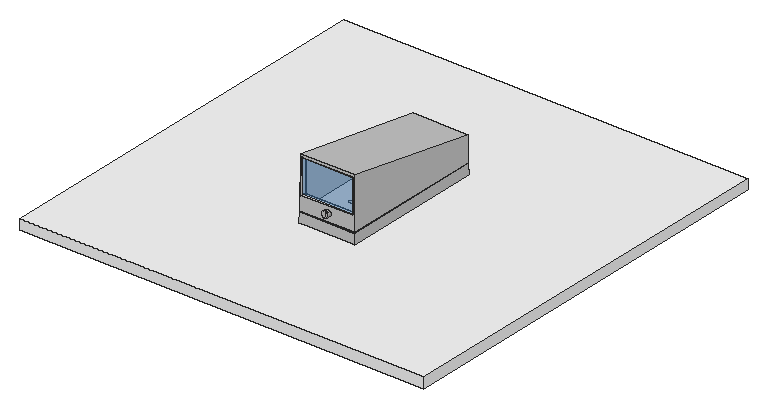
Revit family "BE_33513_de_DE", category Leuchten, Revit 2015
Parameters
  built-in parameter 1150104 = 13.8 (stored number, unit not read)
  Wattage = 9.2903 W
  Default Elevation = 0 mm
  built-in parameter 1150113 = 1 (stored number, unit not read)
  built-in parameter 1114218 = 1 (stored number, unit not read)
  Umgebungstemperatur = ""
  URL = "http://www.bega.de/de/produkt"
  Typenkommentare = "© 2015 BEGA. Wir behalten uns das Recht vor, technische \r\nÄnderungen ohne vorherige Ankündigung vorzunehmen."  # constant formula
  built-in parameter 1150134 = (empty or 0)
  built-in parameter 1150109 = 1 (stored number, unit not read)
  Strom = ""
  built-in parameter 1150110 = 1 (stored number, unit not read)
  Spannung = 0 V
  Sonderanfertigung = no
  Sockeltyp = ""
  Sockelanzahl = ""
  Seriennummer [instance] = ""
  Schutzklasse = ""
  Schutzart = ""
  Scheinlast = 0 VA
  Produktdatenblatt = ""
  Oberflächentemperatur = ""
  Neigungswinkel = 0.00°
  Material_17 = BEGA_Reflektor
  Material_15 = BEGA_Leuchtmedium_matt
  Material_11 = BEGA_Glas_opal
  Material_10 = BEGA_Glas_matt
  Material_09 = BEGA_Glas_klar
  Material_06 = BEGA_Oberfläche_Edelstahl_gebürstet
  Material_03 = BEGA_Oberfläche_Weiss_matt
  Material_02 = BEGA_Oberfläche_Silber_matt
  Material_01 [instance] = BEGA_Oberfläche_Grafit_matt
  M_W = yes
  M_G = yes
  M_A = yes
  Logo = 0
  built-in parameter 1114217 = 1 (stored number, unit not read)
  built-in parameter 1150139 = (empty or 0)
  built-in parameter 1150105 = 109.82 (stored number, unit not read)
  built-in parameter 1150114 = 1 (stored number, unit not read)
  Lumens = 1380 lm
  built-in parameter 1150115 = 1 (stored number, unit not read)
  Leuchtenlichtstrom = ""
  Leuchtenanzahl = ""
  Lebensdauerkriterien = ""
  Lastklassifizierung = Beleuchtung
  built-in parameter 1150112 = 1 (stored number, unit not read)
  Lampenlichtstrom = ""
  LED_Modulbezeichnung = ""
  built-in parameter 1150142 = (empty or 0)
  Hersteller = "BEGA"  # constant formula
  Halbstreuwinkel = ""
  Gewicht = ""
  Gebrauchslageneinschränkung [instance] = ""
  Frequenz = ""
  Farbwiedergabeindex = ""
  Dimming Lamp Color Temperature Shift = (empty or 0)
  Farbtemperatur = ""
  Color Filter = 16777215
  built-in parameter 1150133 = 10 (stored number, unit not read)
  Energieeffizienzklasse = ""
  built-in parameter 1150137 = (empty or 0)
  built-in parameter 1150132 = (empty or 0)
  ENEC = ""
  Dimmbar [instance] = ""
  Datei für fotometrisches Netz = "generic"
  CE_Konformität = ""
  Bestellnummer = ""
  Beschreibung_Sonderanfertigung = ""
  built-in parameter 1150106 = 1.0982 (stored number, unit not read)
  Befestigungsbohrung = ""
  Befestigungsabstand = ""
  Ballwurfsicher = ""
  BEGA_Intern_aus = yes
  BEGA_Intern_an = yes
  BEGA_Intern_Konstruktion = yes
  BEGA_Intern = yes
  BEGA_IES = yes
  BEGA_Dummy = no
  Anschlussleitung = ""
  Anschlussleistung [instance] = ""
  Anschlusskasten = ""
  built-in parameter 1150107 = 3000 (stored number, unit not read)
  built-in parameter 1150102 = (empty or 0)
  built-in parameter 1150138 = (empty or 0)
  Aktualisierung = ""
  Abstand_zur_angestrahlten_Fläche [instance] = ""
  AC/DC = ""
Reference planes
  plane 1 "Mitte (Vorne/Hinten)": y = 0
  plane 2: z = 0
  plane 3 "Mitte (Links/Rechts)": x = 0
  plane 4 "Links": x = -27.666
  plane 5 "Rechts": x = 27.666
  plane 6 "Unten": y = -70.167
  plane 7 "Oben": y = 70.166
  plane 8 "Vorne": z = 60.544
Forms (mm)
  Extrusion 1, solid, material "BEGA_Platte_Weiss"
    sketch origin (0, -1119.2, 0) x (1, 0, 0) y (0, 1, 0)
      loop
        line (-200, 1319.2) -> (-200, 919.2) -> (200, 919.2) -> (200, 1319.2) -> (-200, 1319.2)
    from 0 to -10
  Extrusion 2, solid, material "BEGA_Dummy_matt", visible <- "BEGA_Dummy"
    sketch origin (80.095, -76.023, 0) x (1, 0, 0) y (0, 1, 0)
      loop
        line (-107.761, 146.189) -> (-107.761, 5.856) -> (-52.43, 5.856) -> (-52.43, 146.189) -> (-107.761, 146.189)
    from 0 to 60.544
Dimensions and locks
  plane 1 "Mitte (Vorne/Hinten)" to Extrusion 1 = 200 mm
  aligned and locked: plane 2 to Extrusion 1
  aligned and locked: level to Extrusion 1
Nested families
  nested 1: "BE_33513" at (0, 0, 0) x (0, 1, 0) z (0, 0, 1), type "BE_33513"
Connectors
  electrical at (0, 0, 0), driven by "Lastklassifizierung", driven by "Spannung", driven by "Scheinlast"
    settings: index 1, voltage 0 V, apparent load 0 VA, apparent load phase1 0 VA, apparent load phase2 0 VA, apparent load phase3 0 VA, power factor 1, load classification "Beleuchtung", number of poles 1, system type 31, power factor state 1, is connector primary yes, connector utility no, sub classification motor no, connector description ""
Definition of nested family "BE_33513"
  Parameters (values of type "BE_33513")
    Default Elevation = 1 mm
    URL = "http://www.bega.de/de/produkt"
    Type Comments = "© 2015 BEGA. Wir behalten uns das Recht vor, technische Änderungen ohne vorherige Ankündigung vorzunehmen. "  # constant formula
    Type Image = (empty or 0)
    Material_17 = none
    Material_15 = none
    Material_11 = none
    Material_10 = none
    Material_09 = none
    Material_06 = none
    Material_03 = none
    Material_02 = none
    Material_01 = none
    M_W = yes
    M_G = yes
    M_A = yes
    Länge_Platte = 200 mm  # constant formula
    Höhe_Platte = -10 mm  # constant formula
    Manufacturer = "BEGA"  # constant formula
    Breite_Platte = 200 mm  # constant formula
  Reference planes
    plane 1 "Mitte (Oben/Unten)": y = 0
    plane 2: z = 0
    plane 3 "Mitte (Links/Rechts)": x = 0
    plane 4 "Vorne": z = 60.544
    plane 5 "Hinten": z = 0
    plane 6 "Links": x = -70.167
    plane 7 "Rechts": x = 70.166
    plane 8 "Unten": y = -27.666
    plane 9: y = 27.666
  Forms (mm)
    Extrusion 1, solid, detail levels medium
      sketch origin (0, 0, 0) x (1, 0, 0) y (0, 1, 0)
        loop
          line (-100, 100) -> (-100, -100) -> (100, -100) -> (100, 100) -> (-100, 100)
      from 0 to -10 <- "Höhe_Platte"
    Sweep 2, solid, material <- "Material_01", visible <- "M_G", detail levels medium+fine
      path origin (0, 0, 0) x (1, 0, 0) y (0, 1, 0)
        loop
          line (70.166, 27.666) -> (-70.166, 27.666) -> (-70.166, -27.666) -> (70.166, -27.666) -> (70.166, 27.666)
      profile origin (70.166, 0, 0) x (1, 0, 0) y (0, 0, 1)
        loop
          line (0, 0) -> (-0.166, 9.5) -> (-1.249, 9.5) -> (-1.249, 10.846) -> (-5.167, 14.5) -> (-9.355, 14.5) -> (-9.355, 12) -> (-7.514, 12) -> (-6.725, 2.987) -> (-3.252, 2.987) -> (-3.252, 0) -> (0, 0)
    Extrusion 3, solid, material <- "Material_01", visible <- "M_G", detail levels medium+fine
      sketch origin (0, 0, 0) x (1, 0, 0) y (0, 0, 1)
        loop
          line (-70, 10.7) -> (-68.917, 10.7) -> (-66.457, 13.161) -> (-65.684, 57.39) -> (62.2, 34.553) -> (62.2, 17.417) -> (68.917, 10.7) -> (70, 10.7) -> (69.562, 35.778) -> (-69.13, 60.545) -> (-70, 10.7)
      from -27.5 to 27.5
    Extrusion 4, solid, material <- "Material_01", visible <- "M_G", detail levels medium+fine
      sketch origin (0, 0, 0) x (1, 0, 0) y (0, 1, 0)
        loop
          line (-60.811, 18.311) -> (-60.811, -18.311) -> (60.811, -18.311) -> (60.811, 18.311) -> (-60.811, 18.311)
      from 12 to 14.5
    Extrusion 5, solid, material <- "Material_01", visible <- "M_G", detail levels medium+fine
      sketch origin (0, 0, 0) x (1, 0, 0) y (0, 0, 1)
        loop
          line (69.562, 35.778) -> (-69.13, 60.545) -> (-70, 10.7) -> (70, 10.7) -> (69.562, 35.778)
      from 24.413 to 27.5
    Extrusion 6, solid, material <- "Material_01", visible <- "M_G", detail levels medium+fine
      sketch origin (0, 0, 0) x (1, 0, 0) y (0, 0, -1)
        loop
          line (69.562, -35.778) -> (70, -10.7) -> (-70, -10.7) -> (-69.13, -60.545) -> (69.562, -35.778)
      from 24.413 to 27.5
    Blend 7, void
      base sketch origin (0, 0, 0) x (0, 1, 0) y (0, 0, 1)
        loop
          line (24.5, 57.545) -> (-24.5, 57.545) -> (-24.5, 25.545) -> (24.5, 25.545) -> (24.5, 57.545)
      top sketch origin (0, 0, 0) x (0, 1, 0) y (0, 0, 1)
        loop
          line (26, 59.045) -> (-26, 59.045) -> (-26, 24.045) -> (26, 24.045) -> (26, 59.045)
      from -65.183 to -70.069
    Extrusion 8, solid, material <- "Material_10", detail levels medium+fine
      sketch origin (0, 0, 0) x (1, 0, 0) y (0, 0, 1)
        loop
          line (-65.685, 57.389) -> (-68.884, 57.445) -> (-69.448, 25.112) -> (-66.249, 25.056) -> (-65.685, 57.389)
      from -24.568 to 24.468
    Revolve 9, solid, material <- "Material_06", detail levels fine
      sketch origin (0, 0, 0) x (1, 0, 0) y (0, 0, 1)
        loop
          line (-72.944, 21.453) -> (-73, 18.253) -> (-68.969, 18.183) -> (-68.913, 21.383) -> (-72.944, 21.453)
        axis (-73, 18.253) -> (-68.969, 18.183)
      angle from 0 to 360
    Sweep 10, solid, material <- "Material_02", visible <- "M_A", detail levels medium+fine
      path origin (0, 0, 0) x (1, 0, 0) y (0, 1, 0)
        loop
          line (70.166, 27.666) -> (-70.166, 27.666) -> (-70.166, -27.666) -> (70.166, -27.666) -> (70.166, 27.666)
      profile origin (70.166, 0, 0) x (1, 0, 0) y (0, 0, 1)
        loop
          line (0, 0) -> (-0.166, 9.5) -> (-1.249, 9.5) -> (-1.249, 10.846) -> (-5.167, 14.5) -> (-9.355, 14.5) -> (-9.355, 12) -> (-7.514, 12) -> (-6.725, 2.987) -> (-3.252, 2.987) -> (-3.252, 0) -> (0, 0)
    Extrusion 11, solid, material <- "Material_02", visible <- "M_A", detail levels medium+fine
      sketch origin (0, 0, 0) x (1, 0, 0) y (0, 1, 0)
        loop
          line (-60.811, 18.311) -> (-60.811, -18.311) -> (60.811, -18.311) -> (60.811, 18.311) -> (-60.811, 18.311)
      from 12 to 14.5
    Extrusion 12, solid, material <- "Material_02", visible <- "M_A", detail levels medium+fine
      sketch origin (0, 0, 0) x (1, 0, 0) y (0, 0, 1)
        loop
          line (-70, 10.7) -> (-68.917, 10.7) -> (-66.457, 13.161) -> (-65.684, 57.39) -> (62.2, 34.553) -> (62.2, 17.417) -> (68.917, 10.7) -> (70, 10.7) -> (69.562, 35.778) -> (-69.13, 60.545) -> (-70, 10.7)
      from -27.5 to 27.5
    Extrusion 13, solid, material <- "Material_02", visible <- "M_A", detail levels medium+fine
      sketch origin (0, 0, 0) x (1, 0, 0) y (0, 0, 1)
        loop
          line (69.562, 35.778) -> (-69.13, 60.545) -> (-70, 10.7) -> (70, 10.7) -> (69.562, 35.778)
      from 24.413 to 27.5
    Extrusion 14, solid, material <- "Material_02", visible <- "M_A", detail levels medium+fine
      sketch origin (0, 0, 0) x (1, 0, 0) y (0, 0, -1)
        loop
          line (69.562, -35.778) -> (70, -10.7) -> (-70, -10.7) -> (-69.13, -60.545) -> (69.562, -35.778)
      from 24.413 to 27.5
    Extrusion 15, void
      sketch origin (0, 0, 0) x (1, 0, 0) y (0, 1, 0)
        loop
          circle (-40, 0) r 2.25
        loop
          circle (25, 0) r 2.25
        loop
          circle (46, -9) r 7.5
      from 0 to 18.253
    Extrusion 16, void
      sketch origin (0, 0, 0) x (0, 1, 0) y (0, 0, 1)
        loop
          line (27.5, 10.7) -> (27.5, 61.382) -> (26.615, 61.382) -> (27.5, 10.7)
        loop
          line (-27.5, 10.7) -> (-26.615, 61.382) -> (-27.5, 61.382) -> (-27.5, 10.7)
      from -74.788 to 73.809
  Cuts and joins
    Extrusion 15 cuts Sweep 2
    Extrusion 15 cuts Extrusion 4
    joined: Sweep 2, Extrusion 4
    Blend 7, Extrusion 15, Extrusion 16 cuts Extrusion 3
    Blend 7, Extrusion 15, Extrusion 16 cuts Extrusion 5
    Blend 7, Extrusion 15, Extrusion 16 cuts Extrusion 6
    joined: Extrusion 3, Extrusion 5, Extrusion 6
    Extrusion 15 cuts Sweep 10
    Extrusion 15 cuts Extrusion 11
    joined: Sweep 10, Extrusion 11
    Blend 7, Extrusion 15, Extrusion 16 cuts Extrusion 12
    Blend 7, Extrusion 15, Extrusion 16 cuts Extrusion 13
    Blend 7, Extrusion 15, Extrusion 16 cuts Extrusion 14
    joined: Extrusion 12, Extrusion 13, Extrusion 14
  Dimensions and locks
    equal spacing: Extrusion 1 sketch curve, plane 3 "Mitte (Links/Rechts)", Extrusion 1 sketch curve
    equal spacing: Extrusion 1 sketch curve, plane 1 "Mitte (Oben/Unten)", Extrusion 1 sketch curve
    "Länge_Platte": Extrusion 1 sketch curve to Extrusion 1 sketch curve
    "Breite_Platte": Extrusion 1 sketch curve to Extrusion 1 sketch curve
    aligned and locked: Extrusion 1 to plane 2
    aligned and locked: level to Extrusion 1
  Automatic sketch dimensions
    Sweep 2 sketch curve to plane 1 "Mitte (Oben/Unten)" = 27.666 mm
    Sweep 2 sketch curve to plane 3 "Mitte (Links/Rechts)" = 70.166 mm
    plane 3 "Mitte (Links/Rechts)" to Sweep 2 sketch curve = 70.166 mm
    plane 1 "Mitte (Oben/Unten)" to Sweep 2 sketch curve = 27.666 mm
    Sweep 2 sketch curve to level = 0 mm
    profile plane to Sweep 2 sketch curve = 0 mm
    profile plane to Sweep 2 sketch curve = 0.166 mm
    Sweep 2 sketch curve to Sweep 2 sketch curve = 1.083 mm
    profile plane to Sweep 2 sketch curve = 3.252 mm
    profile plane to Sweep 2 sketch curve = 5.167 mm
    level to Sweep 2 sketch curve = 2.987 mm
    Sweep 2 sketch curve to Sweep 2 sketch curve = 3.473 mm
    Sweep 2 sketch curve to Sweep 2 sketch curve = 2.346 mm
    Sweep 2 sketch curve to Sweep 2 sketch curve = 1.841 mm
    Sweep 2 sketch curve to Sweep 2 sketch curve = 6.513 mm
    Sweep 2 sketch curve to Sweep 2 sketch curve = 1.346 mm
    Sweep 2 sketch curve to Sweep 2 sketch curve = 1.154 mm
    Sweep 2 sketch curve to Sweep 2 sketch curve = 2.5 mm
    level to Extrusion 3 sketch curve = 10.7 mm  (x2)
    Extrusion 3 sketch curve to plane 3 "Mitte (Links/Rechts)" = 70 mm
    Extrusion 3 sketch curve to Extrusion 3 sketch curve = 0.87 mm
    Extrusion 3 sketch curve to Extrusion 3 sketch curve = 1.083 mm  (x2)
    level to Extrusion 3 sketch curve = 13.161 mm
    Extrusion 3 sketch curve to Extrusion 3 sketch curve = 2.461 mm
    Extrusion 3 sketch curve to Extrusion 3 sketch curve = 3.445 mm
    plane 3 "Mitte (Links/Rechts)" to Extrusion 3 sketch curve = 62.2 mm
    Extrusion 3 sketch curve to Extrusion 3 sketch curve = 6.717 mm  (x2)
    Extrusion 3 sketch curve to Extrusion 3 sketch curve = 7.362 mm
    Extrusion 3 sketch curve to Extrusion 3 sketch curve = 17.136 mm
    Extrusion 3 sketch curve to Extrusion 3 sketch curve = 1.225 mm
    Extrusion 3 sketch curve to Extrusion 3 sketch curve = 44.229 mm
    Extrusion 3 sketch curve to Extrusion 3 sketch curve = 3.155 mm
    plane 1 "Mitte (Oben/Unten)" to Extrusion 4 sketch curve = 18.311 mm
    Extrusion 4 sketch curve to plane 3 "Mitte (Links/Rechts)" = 60.811 mm
    plane 3 "Mitte (Links/Rechts)" to Extrusion 4 sketch curve = 60.811 mm
    Extrusion 4 sketch curve to plane 1 "Mitte (Oben/Unten)" = 18.311 mm
    level to Extrusion 5 sketch curve = 10.7 mm
    Extrusion 5 sketch curve to plane 3 "Mitte (Links/Rechts)" = 70 mm
    Extrusion 5 sketch curve to Extrusion 5 sketch curve = 0.87 mm
    plane 3 "Mitte (Links/Rechts)" to Extrusion 5 sketch curve = 69.562 mm
    Extrusion 5 sketch curve to Extrusion 5 sketch curve = 0.438 mm
    Extrusion 5 sketch curve to Extrusion 5 sketch curve = 25.078 mm
    Extrusion 5 sketch curve to Extrusion 5 sketch curve = 49.845 mm
    level to Extrusion 6 sketch curve = 10.7 mm
    Extrusion 6 sketch curve to plane 3 "Mitte (Links/Rechts)" = 70 mm
    Extrusion 6 sketch curve to Extrusion 6 sketch curve = 0.87 mm
    plane 3 "Mitte (Links/Rechts)" to Extrusion 6 sketch curve = 69.562 mm
    Extrusion 6 sketch curve to Extrusion 6 sketch curve = 0.438 mm
    Extrusion 6 sketch curve to Extrusion 6 sketch curve = 25.078 mm
    Extrusion 6 sketch curve to Extrusion 6 sketch curve = 49.845 mm
    plane 1 "Mitte (Oben/Unten)" to Blend 7 sketch curve = 24.5 mm
    Blend 7 sketch curve to plane 1 "Mitte (Oben/Unten)" = 24.5 mm
    level to Blend 7 sketch curve = 25.545 mm
    Blend 7 sketch curve to Blend 7 sketch curve = 32 mm
    plane 1 "Mitte (Oben/Unten)" to Blend 7 sketch curve = 26 mm
    Blend 7 sketch curve to plane 1 "Mitte (Oben/Unten)" = 26 mm
    level to Blend 7 sketch curve = 24.045 mm
    Blend 7 sketch curve to Blend 7 sketch curve = 35 mm
    level to Extrusion 8 sketch curve = 25.112 mm
    Extrusion 8 sketch curve to plane 3 "Mitte (Links/Rechts)" = 69.448 mm
    Extrusion 8 sketch curve to Extrusion 8 sketch curve = 0.564 mm
    level to Extrusion 8 sketch curve = 25.056 mm
    Extrusion 8 sketch curve to Extrusion 8 sketch curve = 3.2 mm  (x2)
    Extrusion 8 sketch curve to Extrusion 8 sketch curve = 32.333 mm
    Extrusion 8 sketch curve to Extrusion 8 sketch curve = 0.056 mm
    level to Revolve 9 sketch curve = 18.253 mm  (x2)
    Revolve 9 sketch curve to plane 3 "Mitte (Links/Rechts)" = 73 mm
    level to Revolve 9 sketch curve = 21.453 mm
    Revolve 9 sketch curve to Revolve 9 sketch curve = 0.056 mm  (x2)
    level to Revolve 9 sketch curve = 18.183 mm
    Revolve 9 sketch curve to Revolve 9 sketch curve = 4.03 mm
    level to Revolve 9 sketch curve = 21.383 mm
    Revolve 9 sketch curve to Revolve 9 sketch curve = 0 mm
    level to Revolve 9 sketch curve = 18.166 mm
    Revolve 9 sketch curve to Revolve 9 sketch curve = 0.969 mm
    Sweep 10 sketch curve to plane 1 "Mitte (Oben/Unten)" = 27.666 mm
    Sweep 10 sketch curve to plane 3 "Mitte (Links/Rechts)" = 70.166 mm
    plane 3 "Mitte (Links/Rechts)" to Sweep 10 sketch curve = 70.166 mm
    plane 1 "Mitte (Oben/Unten)" to Sweep 10 sketch curve = 27.666 mm
    Sweep 10 sketch curve to level = 0 mm
    profile plane to Sweep 10 sketch curve = 0 mm
    profile plane to Sweep 10 sketch curve = 0.166 mm
    Sweep 10 sketch curve to Sweep 10 sketch curve = 1.083 mm
    profile plane to Sweep 10 sketch curve = 3.252 mm
    profile plane to Sweep 10 sketch curve = 5.167 mm
    level to Sweep 10 sketch curve = 2.987 mm
    Sweep 10 sketch curve to Sweep 10 sketch curve = 3.473 mm
    Sweep 10 sketch curve to Sweep 10 sketch curve = 2.346 mm
    Sweep 10 sketch curve to Sweep 10 sketch curve = 1.841 mm
    Sweep 10 sketch curve to Sweep 10 sketch curve = 6.513 mm
    Sweep 10 sketch curve to Sweep 10 sketch curve = 1.346 mm
    Sweep 10 sketch curve to Sweep 10 sketch curve = 1.154 mm
    Sweep 10 sketch curve to Sweep 10 sketch curve = 2.5 mm
    plane 1 "Mitte (Oben/Unten)" to Extrusion 11 sketch curve = 18.311 mm
    Extrusion 11 sketch curve to plane 3 "Mitte (Links/Rechts)" = 60.811 mm
    plane 3 "Mitte (Links/Rechts)" to Extrusion 11 sketch curve = 60.811 mm
    Extrusion 11 sketch curve to plane 1 "Mitte (Oben/Unten)" = 18.311 mm
    level to Extrusion 12 sketch curve = 10.7 mm  (x2)
    Extrusion 12 sketch curve to plane 3 "Mitte (Links/Rechts)" = 70 mm
    Extrusion 12 sketch curve to Extrusion 12 sketch curve = 0.87 mm
    Extrusion 12 sketch curve to Extrusion 12 sketch curve = 1.083 mm  (x2)
    level to Extrusion 12 sketch curve = 13.161 mm
    Extrusion 12 sketch curve to Extrusion 12 sketch curve = 2.461 mm
    Extrusion 12 sketch curve to Extrusion 12 sketch curve = 3.445 mm
    plane 3 "Mitte (Links/Rechts)" to Extrusion 12 sketch curve = 62.2 mm
    Extrusion 12 sketch curve to Extrusion 12 sketch curve = 6.717 mm  (x2)
    Extrusion 12 sketch curve to Extrusion 12 sketch curve = 7.362 mm
    Extrusion 12 sketch curve to Extrusion 12 sketch curve = 17.136 mm
    Extrusion 12 sketch curve to Extrusion 12 sketch curve = 1.225 mm
    Extrusion 12 sketch curve to Extrusion 12 sketch curve = 44.229 mm
    Extrusion 12 sketch curve to Extrusion 12 sketch curve = 3.155 mm
    level to Extrusion 13 sketch curve = 10.7 mm
    Extrusion 13 sketch curve to plane 3 "Mitte (Links/Rechts)" = 70 mm
    Extrusion 13 sketch curve to Extrusion 13 sketch curve = 0.87 mm
    plane 3 "Mitte (Links/Rechts)" to Extrusion 13 sketch curve = 69.562 mm
    Extrusion 13 sketch curve to Extrusion 13 sketch curve = 0.438 mm
    Extrusion 13 sketch curve to Extrusion 13 sketch curve = 25.078 mm
    Extrusion 13 sketch curve to Extrusion 13 sketch curve = 49.845 mm
    level to Extrusion 14 sketch curve = 10.7 mm
    Extrusion 14 sketch curve to plane 3 "Mitte (Links/Rechts)" = 70 mm
    Extrusion 14 sketch curve to Extrusion 14 sketch curve = 0.87 mm
    plane 3 "Mitte (Links/Rechts)" to Extrusion 14 sketch curve = 69.562 mm
    Extrusion 14 sketch curve to Extrusion 14 sketch curve = 0.438 mm
    Extrusion 14 sketch curve to Extrusion 14 sketch curve = 25.078 mm
    Extrusion 14 sketch curve to Extrusion 14 sketch curve = 49.845 mm
    plane 1 "Mitte (Oben/Unten)" to Extrusion 15 sketch curve = 0 mm  (x2)
    Extrusion 15 sketch curve to plane 3 "Mitte (Links/Rechts)" = 40 mm
    plane 3 "Mitte (Links/Rechts)" to Extrusion 15 sketch curve = 25 mm
    plane 1 "Mitte (Oben/Unten)" to Extrusion 15 sketch curve = 9 mm
    Extrusion 15 sketch curve to Extrusion 15 sketch curve = 21 mm
    plane 8 "Unten" to Extrusion 16 sketch curve = 0.166 mm
    Extrusion 16 sketch curve to Extrusion 16 sketch curve = 0.885 mm
    plane 9 to Extrusion 16 sketch curve = 1.05 mm
    plane 9 to Extrusion 16 sketch curve = 0.166 mm
    level to Extrusion 16 sketch curve = 10.7 mm  (x2)
    plane 4 "Vorne" to Extrusion 16 sketch curve = 0.838 mm  (x2)
    radius of Extrusion 15 sketch curve = 2.25 mm  (x2)
    radius of Extrusion 15 sketch curve = 7.5 mm
